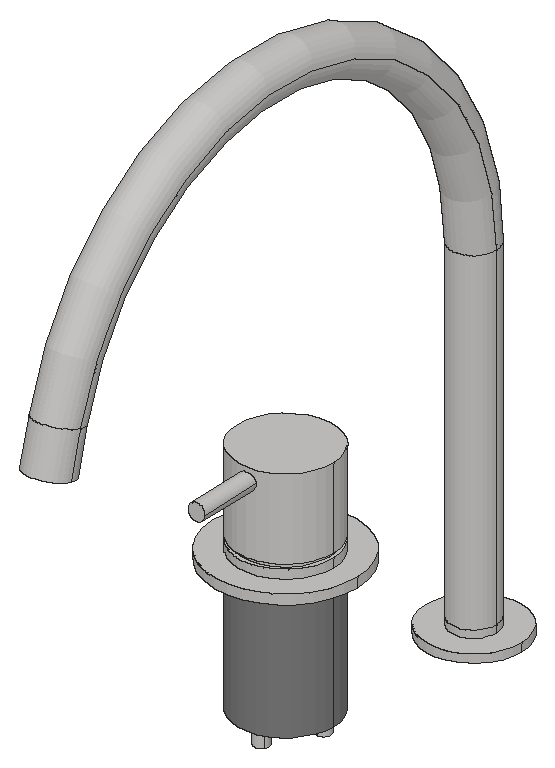
Revit family "590H", category Plumbing Fixtures, Revit 2021
Family settings
  Round Connector Dimension = Use Diameter
  Part Type = Normal
  Work Plane-Based = No
  Always vertical = Yes
  Cut with Voids When Loaded = No
  Shared = No
  Room Calculation Point = No
Parameters
  e-mail = "info@vola.com"
  URL = "http://vola.com"
  Telephone = "+45 7023 5500"
  Quality management standard = "ISO 9001"
  Organisation no. / DUNS no. = "17531328"
  Occupational health and safety management standard = "ISO 18001"
  Mounting Instructions = "http://vola.com/service/producturl.ashx?name=590H"
  Model = "590H"
  Materials and components information = "http://vola.com/service/producturl.ashx?name=590H"
  Manufacturer = "VOLA A/S"
  Maintenance Instructions = "http://vola.com/service/producturl.ashx?name=590H"
  Guarantee = "2 years"
  Flow = "9,00 l/min"
  Environmental management standard = "ISO 14000"
  Default Elevation = 0.00 mm
  Connection - All relevant connections = "10mm flexible hose"
  Approvals = "http://vola.com/service/producturl.ashx?name=590H"
Reference planes
  plane 1 "Center (Front/Back)": y = 0
  plane 2: z = 0
  plane 3 "Center (Left/Right)": x = 0
Dimensions and locks
  aligned and locked: plane 2 to level
Nested families
  nested 1: "090H" at (0, 0, 0), type "090H"
  nested 2: "500" at (-78, 0, 0), type "500"
Connectors
  piping at (-88.825, 6.25, -63), diameter 6
    settings: on nested 2, index 1, connector inside diameter 0.23622", connector length 0.00 mm, flow factor 0, pipe flow 0 GPM, pressure drop 0.00 psi, fitting loss kfactor 0, connector angle 0.00°, fixture units 0, engagement length 0.00 mm, angle of deflection 0.00°, flow configuration 0, flow direction 1, fitting loss method 0, system type 19, joint type 0, gender type 0, connector reference index -1, connector utility 0, adjustable connector no, is connector primary yes, connector description ""
  piping at (-67.175, 6.25, -63), diameter 6
    settings: on nested 2, index 2, connector inside diameter 0.23622", connector length 0.00 mm, flow factor 0, pipe flow 0 GPM, pressure drop 0.00 psi, fitting loss kfactor 0, connector angle 0.00°, fixture units 0, engagement length 0.00 mm, angle of deflection 0.00°, flow configuration 0, flow direction 1, fitting loss method 0, system type 20, joint type 0, gender type 0, connector reference index -1, connector utility 0, adjustable connector no, is connector primary no, connector description ""
Definition of nested family "090H"
  Parameters
    e-mail = "info@vola.com"
    URL = "http://vola.com"
    Telephone = "+45 7023 5500"
    Quality management standard = "ISO 9001"
    Organisation no. / DUNS no. = "17531328"
    Occupational health and safety management standard = "ISO 18001"
    Mounting Instructions = "http://vola.com/service/producturl.ashx?name=090H"
    Model = "090H"
    Materials and components information = "http://vola.com/service/producturl.ashx?name=090H"
    Manufacturer = "VOLA A/S"
    Maintenance Instructions = "http://vola.com/service/producturl.ashx?name=090H"
    Guarantee = "2 years"
    Environmental management standard = "ISO 14000"
    Default Elevation = 0.00 mm
    Connection - All relevant connections = ""
    Approvals = "http://vola.com/service/producturl.ashx?name=090H"
  Reference planes
    plane 1 "Center (Front/Back)": y = 0
    plane 2: z = 0
    plane 3 "Center (Left/Right)": x = 0
  Forms (mm)
    Sweep 1, solid
      path origin (0, 0, 0) x (0, 1, 0) y (0, 0, 1)
        loop
          arc (-215.269, 173.841) -> (-95.207, 254.063) -> (0, 145.5) r 109.5
          line (0, 145.5) -> (0, 6.5)
      profile origin (0, 0, 76) x (1, 0, 0) y (0, 1, 0)
        loop
          circle (0, 0) r 9.5
    Extrusion 2, solid
      sketch origin (0, 0, 0) x (1, 0, 0) y (0, 1, 0)
        loop
          circle (0, 0) r 20
      from 0 to 3.5
    Extrusion 3, solid
      sketch origin (0, 0, 3.5) x (1, 0, 0) y (0, 1, 0)
        loop
          circle (0, 0) r 9.5
      from 0 to 3
    Extrusion 4, solid
      sketch origin (0, -215.269, 173.841) x (0, 0.965926, -0.258819) y (1, 0, 0)
        loop
          circle (0, 0) r 9.5
      from 0 to 18.5
  Cuts and joins
    joined: Sweep 1, Extrusion 2
  Dimensions and locks
    aligned and locked: plane 2 to level
Definition of nested family "500"
  Parameters
    e-mail = "info@vola.com"
    URL = "http://vola.com"
    Telephone = "+45 7023 5500"
    Quality management standard = "ISO 9001"
    Organisation no. / DUNS no. = "17531328"
    Occupational health and safety management standard = "ISO 18001"
    Mounting Instructions = "http://vola.com/service/producturl.ashx?name=500"
    Model = "500"
    Materials and components information = "http://vola.com/service/producturl.ashx?name=500"
    Manufacturer = "VOLA A/S"
    Maintenance Instructions = "http://vola.com/service/producturl.ashx?name=500"
    Guarantee = "2 years"
    Flow = "14,50 l/min"
    Environmental management standard = "ISO 14000"
    Default Elevation = 0.00 mm
    Connection - All relevant connections = "10mm flexible hose"
    Approvals = "http://vola.com/service/producturl.ashx?name=500"
  Reference planes
    plane 1 "Center (Front/Back)": y = 0
    plane 2: z = 0
    plane 3 "Center (Left/Right)": x = 0
  Forms (mm)
    Extrusion 1, solid
      sketch origin (0, 0, 0) x (1, 0, 0) y (0, 1, 0)
        loop
          circle (0, 0) r 30
      from 0 to 4
    Extrusion 2, solid
      sketch origin (0, 0, 7.5) x (1, 0, 0) y (0, 1, 0)
        loop
          circle (0, 0) r 18.25
      from 0 to 2
    Extrusion 3, solid
      sketch origin (0, 0, 9.5) x (1, 0, 0) y (0, 1, 0)
        loop
          circle (0, 0) r 20
      from 0 to 33.5
    Extrusion 4, solid
      sketch origin (0, 0, 3.25) x (1, 0, 0) y (0, 0, 1)
        loop
          circle (0, 34.5) r 3.5
      from 0 to 46
    Extrusion 5, solid
      sketch origin (0, 0, 0) x (0, 1, 0) y (1, 0, 0)
        loop
          circle (0, 0) r 20
      from 0 to 55
    Extrusion 6, solid
      sketch origin (0, 0, -55) x (0, 1, 0) y (1, 0, 0)
        loop
          circle (6.25, 10.825) r 3
        loop
          circle (6.25, -10.825) r 3
        loop
          circle (-12.5, 0) r 3
      from 0 to 8
    Extrusion 7, solid
      sketch origin (0, 0, 4) x (1, 0, 0) y (0, 1, 0)
        loop
          circle (0, 0) r 20
      from 0 to 3.5
  Cuts and joins
    joined: Extrusion 3, Extrusion 4
  Lines and regions (mm)
    model lines
      curve 1: line (6.05, -19.063, 43) -> (6.05, 19.063, 43)
      curve 2: line (-6.05, -19.063, 43) -> (-6.05, 19.063, 43)
    reference lines
      curve 3: line (-10.825, 6.25, -55) -> (-10.825, 6.25, -80)
      curve 4: line (10.825, 6.25, -55) -> (10.825, 6.25, -80)
  Dimensions and locks
    aligned and locked: plane 2 to level
